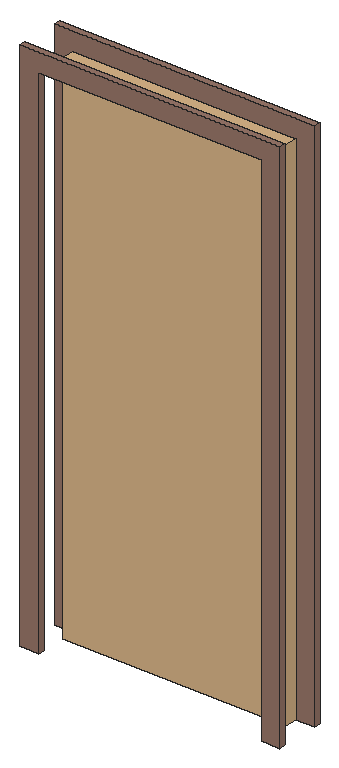
Revit family "Single-Flush", category Doors, host Wall, Revit 2026
Family settings
  Host = Wall
  Classification Number = 23.30.10.00
  Always vertical = Yes
  Cut with Voids When Loaded = No
  Shared = No
  Room Calculation Point = No
Parameters (values of type "36" x 84"")
  Visual Light Transmittance = 0
  Thickness = 0' - 2"
  Thermal Resistance (R) = 1.5338 (h·ft²·°F)/BTU
  Solar Heat Gain Coefficient = 0
  Define Thermal Properties by = Schematic Type
  Construction Type Id = "MDOOR"
  Heat Transfer Coefficient (U) = 0.651978 BTU/(h·ft²·°F)
  Function = Interior
  Assembly Code = "C1020"
  Door Material = Door - Panel
  Frame Material = Door - Frame
  Height = 7' - 0"
  Trim Projection Ext = 0' - 1"
  Trim Projection Int = 0' - 1"
  Trim Width = 0' - 3"
  Wall Closure = By host
  Width = 3' - 0"
  Analytic Construction = "Metal"
Types (8): name | Height | Width
  36" x 84" | 7' - 0" | 3' - 0"
  34" x 84" | 7' - 0" | 2' - 10"
  32" x 84" | 7' - 0" | 2' - 8"
  30" x 84" | 7' - 0" | 2' - 6"
  30" x 80" | 6' - 8" | 2' - 6"
  36" x 80" | 6' - 8" | 3' - 0"
  34" x 80" | 6' - 8" | 2' - 10"
  28" x 80" | 6' - 8" | 2' - 4"
Reference planes (in)
  plane 1: y = 0
  plane 2: z = 0
  plane 3: x = 0
  plane 4: x = -18
  plane 5: x = 18
  plane 6: z = 84
Forms (in)
  Extrusion 1, solid, material "Door - Panel" <- "Door Material"
    sketch origin (0, 0, 0) x (1, 0, 0) y (0, 0, 1)
      loop
        line (-18, 84) -> (-18, 0) -> (18, 0) -> (18, 84) -> (-18, 84)
    from -3 to -1
  Extrusion 2, solid, material "Door - Frame" <- "Frame Material"
    sketch origin (-60, -3, 0) x (1, 0, 0) y (0, 0, 1)
      loop
        line (39, 87) -> (39, 0) -> (42, 0) -> (42, 84) -> (78, 84) -> (78, 0) -> (81, 0) -> (81, 87) -> (39, 87)
    from 0 to 1
  Extrusion 3, solid, material "Door - Frame" <- "Frame Material"
    sketch origin (-60, 3, 0) x (-1, 0, 0) y (0, 0, 1)
      loop
        line (-81, 87) -> (-81, 0) -> (-78, 0) -> (-78, 84) -> (-42, 84) -> (-42, 0) -> (-39, 0) -> (-39, 87) -> (-81, 87)
    from 0 to 1
Lines and regions (in)
  Opening 1
    outline origin (-60, -3, 144) x (0, 0, -1) y (1, 0, 0)
      loop
        line (60, 42) -> (144, 42) -> (144, 78) -> (60, 78) -> (60, 42)
  symbolic lines, style "DoorsPanelProjection"
    curve 1: line (18, 3, 0) -> (16, 3, 0)
    curve 2: line (18, 3, 0) -> (18, 39.0111, 0)
    curve 3: line (18, 39.0111, 0) -> (16, 39.0111, 0)
    curve 4: line (16, 3, 0) -> (16, 39.0111, 0)
  model lines, style "DoorsFrameMullionProjection"
    curve 5: line (-21, -3, 0) -> (-21, -3, 87)
    curve 6: line (-21, -3, 87) -> (21, -3, 87)
    curve 7: line (21, -3, 87) -> (21, -3, 0)
    curve 8: line (21, 3, 0) -> (21, 3, 87)
    curve 9: line (-21, 3, 87) -> (21, 3, 87)
    curve 10: line (-21, 3, 87) -> (-21, 3, 0)
  symbolic lines, style "Plan Swing"
    curve 11: arc (16, 39.0111, 0) -> (-8.2005, 27.78574, 0) -> (-18.06659, 3, 0) r 36.06659
  symbolic lines, style "Elevation Swing"
    curve 12: line (-18, 0, 84) -> (18, 0, 42)
    curve 13: line (-18, 0, 0) -> (18, 0, 42)
Dimensions and locks (in)
  equal spacing: plane 4, plane 3, plane 5
  "Width": plane 4 to plane 5
  locked: host wall to curve 1
  control icon elem to plane 5 = 0' - 10.29952"
  "Height": plane 6 to plane 2
  "Trim Width": plane 4 to curve 5
  "Trim Width": plane 5 to curve 7
  "Trim Width": plane 6 to curve 6
  locked: curve 9 to host wall
  "Trim Projection Ext": Extrusion 3 to host wall
  "Trim Projection Int": Extrusion 2 to host wall
  "Thickness": curve 4 to plane 5
  "Thickness": Extrusion 1 to host wall
  equal spacing: plane 6, curve 13, level
  aligned and locked: host wall to Extrusion 1
  aligned and locked: plane 2 to curve 5
  aligned and locked: curve 7 to level
  aligned and locked: curve 8 to curve 7
  aligned and locked: curve 6 to Extrusion 2 sketch curve
  aligned and locked: Extrusion 2 sketch curve to curve 5
  aligned and locked: Extrusion 2 sketch curve to curve 7
  aligned and locked: Extrusion 2 to Extrusion 3 sketch curve
  aligned and locked: Extrusion 3 sketch curve to Extrusion 2  (x2)
Automatic sketch dimensions
  Opening 1 sketch curve to plane 6 = 0' - 0"
  Opening 1 sketch curve to level = 0' - 0"
  Opening 1 sketch curve to plane 4 = 0' - 0"
  Opening 1 sketch curve to plane 5 = 0' - 0"
  Extrusion 1 sketch curve to plane 4 = 0' - 0"
  Extrusion 1 sketch curve to plane 5 = 0' - 0"
  Extrusion 1 sketch curve to level = 0' - 0"
  Extrusion 1 sketch curve to plane 6 = 0' - 0"
  Extrusion 2 sketch curve to level = 0' - 0"  (x2)
  Extrusion 2 sketch curve to plane 4 = 0' - 0"
  Extrusion 2 sketch curve to plane 5 = 0' - 0"
  Extrusion 2 sketch curve to plane 6 = 0' - 0"
  Extrusion 3 sketch curve to level = 0' - 0"  (x2)
  Extrusion 3 sketch curve to plane 5 = 0' - 0"
  Extrusion 3 sketch curve to plane 4 = 0' - 0"
  Extrusion 3 sketch curve to plane 6 = 0' - 0"
  curve 1 to plane 5 = 0' - 0"
  curve 11 to plane 5 = 0' - 0"
  plane 4 to curve 11 = 0' - 0.06659"
  curve 11 to host wall = 0' - 0"
  curve 12 to plane 4 = 0' - 0"
  curve 12 to plane 6 = 0' - 0"
  curve 13 to plane 5 = 0' - 0"
  curve 8 to level = 0' - 0"
  curve 13 to level = 0' - 0"
  curve 10 to level = 0' - 0"
  curve 13 to plane 4 = 0' - 0"
  curve 9 to curve 5 = 0' - 0"
  curve 10 to curve 5 = 0' - 0"
